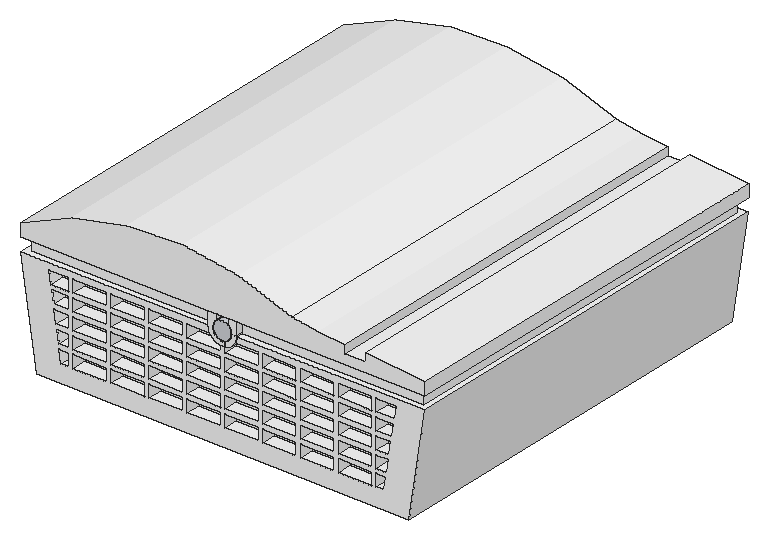
Revit family "Temp Sensor", category Generic Models, Revit 2018
Family settings
  Can host rebar = No
  Round Connector Dimension = Use Diameter
  Part Type = Normal
  OmniClass Number = 23.40.00.00
  OmniClass Title = Equipment and Furnishings
  Work Plane-Based = Yes
  Always vertical = No
  Cut with Voids When Loaded = No
  Shared = No
  Room Calculation Point = No
Parameters (values of type "Sensors")
  Youtube clip = ""
  Width = "95"
  Weight Net (Kg) = "0.2"
  URL = ""
  switch-on-duration = "When temperature exceeds set point"
  WarrantyStartDate = "From items dispatch"
  WarrantyDuration = 12
  Voltage = "24V DC"
  Uniclass 2.0 Description = "Temperature Sensor"
  Uniclass 2.0 Code = "PR_30_59_58_88"
  Uniclass 1.4 Description = ""
  Uniclass 1.4 Code = ""
  UNSPSC Code = "41112209"
  UNSPSC name = "Temperature Sensor"
  TypeName = ""
  Type Mark = ""
  Type Comments = ""
  To be ordered separately = ""
  Technical description = "The tamper proof thermostat will be set to the desired corridor temperature, contacts in the thermostat will operate the daily ventilation panel which in turn will instruct the extract fans to run and the relevant AOV to open.\r\n\r\nThe KSEC 504 is designed for one-person calibration with a unique external 3.5mm jack socket to facilitate direct measurement of the detector output (0-2.5Vdc) using an electrical test meter."
  TagNumber = 0
  Switch-on-duration_2 = ""
  Size = "95x35x95mm (W x D x H)"
  SerialNumber = 0
  QR code = ""
  Product group = "Sensors"
  Product family = "Thermostat"
  Product data URL = "http://easivent.co.uk/products/tamper-proof-thermostat"
  Product certification = ""
  Product SKU = "EV-ITH"
  Omniclass = ""
  OmniClass Title = ""
  OmniClass Number = ""
  Notes = "Please note this product may be amended without prior notification"
  Nominal width = "95"
  Nominal height = "95"
  Name of the object = "Tamper Proof Thermostat"
  Name = ""
  NBS Reference Description = ""
  NBS Reference Code = ""
  Model = "EV-ITH"
  Material Main = ABS Plastic White
  Manufacturer name = "Siemens"
  Manufacturer country = "Germany"
  Manufacturer URL = "http://easivent.co.uk/"
  Manufacturer = "Easivent"
  Keynote = ""
  InstallationDate = ""
  Installation instructions = ""
  IP rating = ""
  IFC Classification = "Thermostat"
  Height = 95 mm
  Grade = ""
  Finish = ""
  Features = ""
  Edition number = "1"
  Design country = "UK"
  Description = ""
  Depth = 35 mm
  Default Elevation = 1219.2 mm
  Date of publishing = ""
  Current consumption = "10 A"
  Created on = "07/04/2016"
  Created by = "Rhys Powell"
  Cost = 34
  ConnectionType = ""
  Connection cable = "2 core cable"
  Colour = "White RAL 9003"
  COBIe Type Category [instance] = "Thermostat"
  BIMobject category = "Thermostat"
  BIMobject QR code URL = ""
  BIMObject Category_2 = "Sensors"
  AssetIdentifier = ""
  Assembly Description = ""
  AccessibilityPerformance = ""
Reference planes
  plane 1 "Bottom on plan": y = 0
  plane 2: z = 0
  plane 3 "Left hand side plan": x = 0
  plane 4 "Top on plan": y = 96
  plane 5 "Right hand side plan": x = 96
  plane 6 "Right side of grove plan": x = 82
  plane 7 "Left side of grove plan": x = 77
  plane 8 "Bottom of Top compartment section": z = 35
  plane 9 "Top on Section": z = 47
  plane 10: z = 38
  plane 11 "Centre point on plan": y = 48
  plane 12 "Centre point on section": x = 48
  plane 13: x = 5
  plane 14: x = 91
  plane 15: z = 32
  plane 16: x = 94.5
  plane 17: x = 1.5
  plane 18: y = 94.5
  plane 19: y = 1.5
Forms (mm)
  Extrusion 1, solid, material "ABS Plastic White" <- "Material Main"
    sketch origin (0, 96, 0) x (-1, 0, 0) y (0, 0, 1)
      loop
        line (0, 35) -> (0, 38)
        arc (0, 38) -> (-31.948, 46.979) -> (-64.544, 40.752) r 72.361
        arc (-64.544, 40.752) -> (-70.731, 39.65) -> (-77, 39.219) r 58.42
        line (-77, 39.219) -> (-77, 37.308) -> (-82, 37.308) -> (-82, 39.225) -> (-96, 38) -> (-96, 35) -> (0, 35)
    from -96 to 0
  Extrusion 2, solid, material "ABS Plastic White" <- "Material Main"
    sketch origin (0, 96, 0) x (-1, 0, 0) y (0, 0, 1)
      loop
        line (-1.5, 35) -> (-94.5, 35) -> (-94.5, 32) -> (-1.5, 32) -> (-1.5, 35)
    from -94.5 to -1.5
  Extrusion 3, solid, material "ABS Plastic White" <- "Material Main"
    sketch origin (0, 96, 0) x (-1, 0, 0) y (0, 0, 1)
      loop
        line (0, 32) -> (-96, 32) -> (-92.142, 7.308) -> (-3.858, 7.308) -> (0, 32)
    from -96 to 0
  Extrusion 4, solid, material "ABS Plastic White" <- "Material Main"
    sketch origin (0, 96, 0) x (-1, 0, 0) y (0, 0, 1)
      loop
        line (-46.592, 35) -> (-46.592, 33.775)
        arc (-46.592, 33.775) -> (-45.856, 31.25) -> (-48, 29.728) r 2.267
        arc (-48, 29.728) -> (-50.144, 31.25) -> (-49.408, 33.775) r 2.267
        line (-49.408, 33.775) -> (-49.408, 35) -> (-51.417, 35) -> (-51.417, 32)
        arc (-51.417, 32) -> (-50.4, 29.669) -> (-48, 28.829) r 3.18
        arc (-48, 28.829) -> (-45.6, 29.669) -> (-44.583, 32) r 3.18
        line (-44.583, 32) -> (-44.583, 35) -> (-46.592, 35)
    from -96 to -94.5
  Extrusion 5, void
    sketch origin (0, 96, 0) x (-1, 0, 0) y (0, 0, 1)
      loop
        line (-46.592, 35) -> (-49.408, 35) -> (-49.408, 33.775)
        arc (-49.408, 33.775) -> (-50.14, 31.252) -> (-48, 29.728) r 2.269
        arc (-48, 29.728) -> (-45.856, 31.25) -> (-46.592, 33.775) r 2.267
        line (-46.592, 33.775) -> (-46.592, 35)
    from -96 to -94.5
  Extrusion 6, solid
    sketch origin (0, 96, 0) x (-1, 0, 0) y (0, 0, 1)
      loop
        circle (-48, 32) r 2.083
    from -96 to -94.5
  Extrusion 7, void
    sketch origin (0, 0, 1.664) x (1, 0, 0) y (0, 0, 1)
      loop
        line (12.5, 25.859) -> (20.5, 25.859) -> (20.5, 28.859) -> (12.5, 28.859) -> (12.5, 25.859)
      loop
        line (21.5, 25.859) -> (29.5, 25.859) -> (29.5, 28.859) -> (21.5, 28.859) -> (21.5, 25.859)
      loop
        line (30.5, 25.859) -> (38.5, 25.859) -> (38.5, 28.859) -> (30.5, 28.859) -> (30.5, 25.859)
      loop
        line (39.5, 25.859) -> (47.5, 25.859) -> (47.5, 28.859) -> (39.5, 28.859) -> (39.5, 25.859)
      loop
        line (48.5, 25.859) -> (56.5, 25.859) -> (56.5, 28.859) -> (48.5, 28.859) -> (48.5, 25.859)
      loop
        line (57.5, 25.859) -> (65.5, 25.859) -> (65.5, 28.859) -> (57.5, 28.859) -> (57.5, 25.859)
      loop
        line (66.5, 25.859) -> (74.5, 25.859) -> (74.5, 28.859) -> (66.5, 28.859) -> (66.5, 25.859)
      loop
        line (75.5, 25.859) -> (83.5, 25.859) -> (83.5, 28.859) -> (75.5, 28.859) -> (75.5, 25.859)
      loop
        line (11.5, 25.859) -> (11.5, 28.859) -> (6.741, 28.859) -> (7.21, 25.859) -> (11.5, 25.859)
      loop
        line (84.5, 25.859) -> (88.79, 25.859) -> (89.259, 28.859) -> (84.5, 28.859) -> (84.5, 25.859)
      loop
        line (12.5, 21.859) -> (20.5, 21.859) -> (20.5, 24.859) -> (12.5, 24.859) -> (12.5, 21.859)
      loop
        line (21.5, 21.859) -> (29.5, 21.859) -> (29.5, 24.859) -> (21.5, 24.859) -> (21.5, 21.859)
      loop
        line (30.5, 21.859) -> (38.5, 21.859) -> (38.5, 24.859) -> (30.5, 24.859) -> (30.5, 21.859)
      loop
        line (39.5, 21.859) -> (47.5, 21.859) -> (47.5, 24.859) -> (39.5, 24.859) -> (39.5, 21.859)
      loop
        line (48.5, 21.859) -> (56.5, 21.859) -> (56.5, 24.859) -> (48.5, 24.859) -> (48.5, 21.859)
      loop
        line (57.5, 21.859) -> (65.5, 21.859) -> (65.5, 24.859) -> (57.5, 24.859) -> (57.5, 21.859)
      loop
        line (66.5, 21.859) -> (74.5, 21.859) -> (74.5, 24.859) -> (66.5, 24.859) -> (66.5, 21.859)
      loop
        line (75.5, 21.859) -> (83.5, 21.859) -> (83.5, 24.859) -> (75.5, 24.859) -> (75.5, 21.859)
      loop
        line (11.5, 21.859) -> (11.5, 24.859) -> (7.366, 24.859) -> (7.835, 21.859) -> (11.5, 21.859)
      loop
        line (84.5, 21.859) -> (88.165, 21.859) -> (88.634, 24.859) -> (84.5, 24.859) -> (84.5, 21.859)
      loop
        line (12.5, 17.859) -> (20.5, 17.859) -> (20.5, 20.859) -> (12.5, 20.859) -> (12.5, 17.859)
      loop
        line (21.5, 17.859) -> (29.5, 17.859) -> (29.5, 20.859) -> (21.5, 20.859) -> (21.5, 17.859)
      loop
        line (30.5, 17.859) -> (38.5, 17.859) -> (38.5, 20.859) -> (30.5, 20.859) -> (30.5, 17.859)
      loop
        line (39.5, 17.859) -> (47.5, 17.859) -> (47.5, 20.859) -> (39.5, 20.859) -> (39.5, 17.859)
      loop
        line (48.5, 17.859) -> (56.5, 17.859) -> (56.5, 20.859) -> (48.5, 20.859) -> (48.5, 17.859)
      loop
        line (57.5, 17.859) -> (65.5, 17.859) -> (65.5, 20.859) -> (57.5, 20.859) -> (57.5, 17.859)
      loop
        line (66.5, 17.859) -> (74.5, 17.859) -> (74.5, 20.859) -> (66.5, 20.859) -> (66.5, 17.859)
      loop
        line (75.5, 17.859) -> (83.5, 17.859) -> (83.5, 20.859) -> (75.5, 20.859) -> (75.5, 17.859)
      loop
        line (11.5, 17.859) -> (11.5, 20.859) -> (7.991, 20.859) -> (8.46, 17.859) -> (11.5, 17.859)
      loop
        line (84.5, 17.859) -> (87.54, 17.859) -> (88.009, 20.859) -> (84.5, 20.859) -> (84.5, 17.859)
      loop
        line (12.5, 13.859) -> (20.5, 13.859) -> (20.5, 16.859) -> (12.5, 16.859) -> (12.5, 13.859)
      loop
        line (21.5, 13.859) -> (29.5, 13.859) -> (29.5, 16.859) -> (21.5, 16.859) -> (21.5, 13.859)
      loop
        line (30.5, 13.859) -> (38.5, 13.859) -> (38.5, 16.859) -> (30.5, 16.859) -> (30.5, 13.859)
      loop
        line (39.5, 13.859) -> (47.5, 13.859) -> (47.5, 16.859) -> (39.5, 16.859) -> (39.5, 13.859)
      loop
        line (48.5, 13.859) -> (56.5, 13.859) -> (56.5, 16.859) -> (48.5, 16.859) -> (48.5, 13.859)
      loop
        line (57.5, 13.859) -> (65.5, 13.859) -> (65.5, 16.859) -> (57.5, 16.859) -> (57.5, 13.859)
      loop
        line (66.5, 13.859) -> (74.5, 13.859) -> (74.5, 16.859) -> (66.5, 16.859) -> (66.5, 13.859)
      loop
        line (75.5, 13.859) -> (83.5, 13.859) -> (83.5, 16.859) -> (75.5, 16.859) -> (75.5, 13.859)
      loop
        line (11.5, 13.859) -> (11.5, 16.859) -> (8.616, 16.859) -> (9.085, 13.859) -> (11.5, 13.859)
      loop
        line (84.5, 13.859) -> (86.915, 13.859) -> (87.384, 16.859) -> (84.5, 16.859) -> (84.5, 13.859)
      loop
        line (12.5, 9.859) -> (20.5, 9.859) -> (20.5, 12.859) -> (12.5, 12.859) -> (12.5, 9.859)
      loop
        line (21.5, 9.859) -> (29.5, 9.859) -> (29.5, 12.859) -> (21.5, 12.859) -> (21.5, 9.859)
      loop
        line (30.5, 9.859) -> (38.5, 9.859) -> (38.5, 12.859) -> (30.5, 12.859) -> (30.5, 9.859)
      loop
        line (39.5, 9.859) -> (47.5, 9.859) -> (47.5, 12.859) -> (39.5, 12.859) -> (39.5, 9.859)
      loop
        line (48.5, 9.859) -> (56.5, 9.859) -> (56.5, 12.859) -> (48.5, 12.859) -> (48.5, 9.859)
      loop
        line (57.5, 9.859) -> (65.5, 9.859) -> (65.5, 12.859) -> (57.5, 12.859) -> (57.5, 9.859)
      loop
        line (66.5, 9.859) -> (74.5, 9.859) -> (74.5, 12.859) -> (66.5, 12.859) -> (66.5, 9.859)
      loop
        line (75.5, 9.859) -> (83.5, 9.859) -> (83.5, 12.859) -> (75.5, 12.859) -> (75.5, 9.859)
      loop
        line (11.5, 9.859) -> (11.5, 12.859) -> (9.241, 12.859) -> (9.71, 9.859) -> (11.5, 9.859)
      loop
        line (84.5, 9.859) -> (86.29, 9.859) -> (86.759, 12.859) -> (84.5, 12.859) -> (84.5, 9.859)
    from -3.462 to 1.582
  Extrusion 8, void
    sketch origin (0, 96, 0) x (1, 0, 0) y (0, 0, -1)
      loop
        line (12.5, -25.859) -> (12.5, -28.859) -> (20.5, -28.859) -> (20.5, -25.859) -> (12.5, -25.859)
      loop
        line (21.5, -25.859) -> (21.5, -28.859) -> (29.5, -28.859) -> (29.5, -25.859) -> (21.5, -25.859)
      loop
        line (30.5, -25.859) -> (30.5, -28.859) -> (38.5, -28.859) -> (38.5, -25.859) -> (30.5, -25.859)
      loop
        line (39.5, -25.859) -> (39.5, -28.859) -> (47.5, -28.859) -> (47.5, -25.859) -> (39.5, -25.859)
      loop
        line (48.5, -25.859) -> (48.5, -28.859) -> (56.5, -28.859) -> (56.5, -25.859) -> (48.5, -25.859)
      loop
        line (57.5, -25.859) -> (57.5, -28.859) -> (65.5, -28.859) -> (65.5, -25.859) -> (57.5, -25.859)
      loop
        line (66.5, -25.859) -> (66.5, -28.859) -> (74.5, -28.859) -> (74.5, -25.859) -> (66.5, -25.859)
      loop
        line (75.5, -25.859) -> (75.5, -28.859) -> (83.5, -28.859) -> (83.5, -25.859) -> (75.5, -25.859)
      loop
        line (11.5, -25.859) -> (7.21, -25.859) -> (6.741, -28.859) -> (11.5, -28.859) -> (11.5, -25.859)
      loop
        line (84.5, -25.859) -> (84.5, -28.859) -> (89.259, -28.859) -> (88.79, -25.859) -> (84.5, -25.859)
      loop
        line (12.5, -21.859) -> (12.5, -24.859) -> (20.5, -24.859) -> (20.5, -21.859) -> (12.5, -21.859)
      loop
        line (21.5, -21.859) -> (21.5, -24.859) -> (29.5, -24.859) -> (29.5, -21.859) -> (21.5, -21.859)
      loop
        line (30.5, -21.859) -> (30.5, -24.859) -> (38.5, -24.859) -> (38.5, -21.859) -> (30.5, -21.859)
      loop
        line (39.5, -21.859) -> (39.5, -24.859) -> (47.5, -24.859) -> (47.5, -21.859) -> (39.5, -21.859)
      loop
        line (48.5, -21.859) -> (48.5, -24.859) -> (56.5, -24.859) -> (56.5, -21.859) -> (48.5, -21.859)
      loop
        line (57.5, -21.859) -> (57.5, -24.859) -> (65.5, -24.859) -> (65.5, -21.859) -> (57.5, -21.859)
      loop
        line (66.5, -21.859) -> (66.5, -24.859) -> (74.5, -24.859) -> (74.5, -21.859) -> (66.5, -21.859)
      loop
        line (75.5, -21.859) -> (75.5, -24.859) -> (83.5, -24.859) -> (83.5, -21.859) -> (75.5, -21.859)
      loop
        line (11.5, -21.859) -> (7.835, -21.859) -> (7.366, -24.859) -> (11.5, -24.859) -> (11.5, -21.859)
      loop
        line (84.5, -21.859) -> (84.5, -24.859) -> (88.634, -24.859) -> (88.165, -21.859) -> (84.5, -21.859)
      loop
        line (12.5, -17.859) -> (12.5, -20.859) -> (20.5, -20.859) -> (20.5, -17.859) -> (12.5, -17.859)
      loop
        line (21.5, -17.859) -> (21.5, -20.859) -> (29.5, -20.859) -> (29.5, -17.859) -> (21.5, -17.859)
      loop
        line (30.5, -17.859) -> (30.5, -20.859) -> (38.5, -20.859) -> (38.5, -17.859) -> (30.5, -17.859)
      loop
        line (39.5, -17.859) -> (39.5, -20.859) -> (47.5, -20.859) -> (47.5, -17.859) -> (39.5, -17.859)
      loop
        line (48.5, -17.859) -> (48.5, -20.859) -> (56.5, -20.859) -> (56.5, -17.859) -> (48.5, -17.859)
      loop
        line (57.5, -17.859) -> (57.5, -20.859) -> (65.5, -20.859) -> (65.5, -17.859) -> (57.5, -17.859)
      loop
        line (66.5, -17.859) -> (66.5, -20.859) -> (74.5, -20.859) -> (74.5, -17.859) -> (66.5, -17.859)
      loop
        line (75.5, -17.859) -> (75.5, -20.859) -> (83.5, -20.859) -> (83.5, -17.859) -> (75.5, -17.859)
      loop
        line (11.5, -17.859) -> (8.46, -17.859) -> (7.991, -20.859) -> (11.5, -20.859) -> (11.5, -17.859)
      loop
        line (84.5, -17.859) -> (84.5, -20.859) -> (88.009, -20.859) -> (87.54, -17.859) -> (84.5, -17.859)
      loop
        line (12.5, -13.859) -> (12.5, -16.859) -> (20.5, -16.859) -> (20.5, -13.859) -> (12.5, -13.859)
      loop
        line (21.5, -13.859) -> (21.5, -16.859) -> (29.5, -16.859) -> (29.5, -13.859) -> (21.5, -13.859)
      loop
        line (30.5, -13.859) -> (30.5, -16.859) -> (38.5, -16.859) -> (38.5, -13.859) -> (30.5, -13.859)
      loop
        line (39.5, -13.859) -> (39.5, -16.859) -> (47.5, -16.859) -> (47.5, -13.859) -> (39.5, -13.859)
      loop
        line (48.5, -13.859) -> (48.5, -16.859) -> (56.5, -16.859) -> (56.5, -13.859) -> (48.5, -13.859)
      loop
        line (57.5, -13.859) -> (57.5, -16.859) -> (65.5, -16.859) -> (65.5, -13.859) -> (57.5, -13.859)
      loop
        line (66.5, -13.859) -> (66.5, -16.859) -> (74.5, -16.859) -> (74.5, -13.859) -> (66.5, -13.859)
      loop
        line (75.5, -13.859) -> (75.5, -16.859) -> (83.5, -16.859) -> (83.5, -13.859) -> (75.5, -13.859)
      loop
        line (11.5, -13.859) -> (9.085, -13.859) -> (8.616, -16.859) -> (11.5, -16.859) -> (11.5, -13.859)
      loop
        line (84.5, -13.859) -> (84.5, -16.859) -> (87.384, -16.859) -> (86.915, -13.859) -> (84.5, -13.859)
      loop
        line (12.5, -9.859) -> (12.5, -12.859) -> (20.5, -12.859) -> (20.5, -9.859) -> (12.5, -9.859)
      loop
        line (21.5, -9.859) -> (21.5, -12.859) -> (29.5, -12.859) -> (29.5, -9.859) -> (21.5, -9.859)
      loop
        line (30.5, -9.859) -> (30.5, -12.859) -> (38.5, -12.859) -> (38.5, -9.859) -> (30.5, -9.859)
      loop
        line (39.5, -9.859) -> (39.5, -12.859) -> (47.5, -12.859) -> (47.5, -9.859) -> (39.5, -9.859)
      loop
        line (48.5, -9.859) -> (48.5, -12.859) -> (56.5, -12.859) -> (56.5, -9.859) -> (48.5, -9.859)
      loop
        line (57.5, -9.859) -> (57.5, -12.859) -> (65.5, -12.859) -> (65.5, -9.859) -> (57.5, -9.859)
      loop
        line (66.5, -9.859) -> (66.5, -12.859) -> (74.5, -12.859) -> (74.5, -9.859) -> (66.5, -9.859)
      loop
        line (75.5, -9.859) -> (75.5, -12.859) -> (83.5, -12.859) -> (83.5, -9.859) -> (75.5, -9.859)
      loop
        line (11.5, -9.859) -> (9.71, -9.859) -> (9.241, -12.859) -> (11.5, -12.859) -> (11.5, -9.859)
      loop
        line (84.5, -9.859) -> (84.5, -12.859) -> (86.759, -12.859) -> (86.29, -9.859) -> (84.5, -9.859)
    from -3.9 to 1.582
  Extrusion 9, void
    sketch origin (0, 0, 0) x (1, 0, 0) y (0, 1, 0)
      loop
        line (34.274, 74.097) -> (34.274, 60.929) -> (61.726, 60.929) -> (61.726, 74.097) -> (34.274, 74.097)
    from 0 to 15
  Extrusion 10, void
    sketch origin (0, 0, 0) x (1, 0, 0) y (0, 1, 0)
      loop
        line (46.422, 15.871) -> (46.422, 11.432)
        arc (46.422, 11.432) -> (48, 9.854) -> (49.578, 11.432) r 1.578
        line (49.578, 11.432) -> (49.578, 15.871)
        arc (49.578, 15.871) -> (48, 17.449) -> (46.422, 15.871) r 1.578
    from 0 to 15
  Extrusion 11, void
    sketch origin (29.056, -0.203, 0) x (0, 1, 0) y (-1, 0, 0)
      loop
        line (46.422, 15.871) -> (46.422, 11.432)
        arc (46.422, 11.432) -> (48, 9.854) -> (49.578, 11.432) r 1.578
        line (49.578, 11.432) -> (49.578, 15.871)
        arc (49.578, 15.871) -> (48, 17.449) -> (46.422, 15.871) r 1.578
    from 0 to 15
  Extrusion 12, void
    sketch origin (-30.446, 66.723, 0) x (1, 0, 0) y (0, 1, 0)
      loop
        line (46.422, 15.871) -> (46.422, 11.432)
        arc (46.422, 11.432) -> (48, 9.854) -> (49.578, 11.432) r 1.578
        line (49.578, 11.432) -> (49.578, 15.871)
        arc (49.578, 15.871) -> (48, 17.449) -> (46.422, 15.871) r 1.578
    from 0 to 15
  Extrusion 13, void
    sketch origin (61.602, 34.167, 0) x (0, 1, 0) y (-1, 0, 0)
      loop
        line (46.422, 15.871) -> (46.422, 11.432)
        arc (46.422, 11.432) -> (48, 9.854) -> (49.578, 11.432) r 1.578
        line (49.578, 11.432) -> (49.578, 15.871)
        arc (49.578, 15.871) -> (48, 17.449) -> (46.422, 15.871) r 1.578
    from 0 to 15
  Extrusion 14, void
    sketch origin (93.415, 31.667, 0) x (0, 1, 0) y (-1, 0, 0)
      loop
        line (46.422, 15.871) -> (46.422, 11.432)
        arc (46.422, 11.432) -> (48, 9.854) -> (49.578, 11.432) r 1.578
        line (49.578, 11.432) -> (49.578, 15.871)
        arc (49.578, 15.871) -> (48, 17.449) -> (46.422, 15.871) r 1.578
    from 0 to 15
  Extrusion 15, void
    sketch origin (33.703, 34.349, 0) x (1, 0, 0) y (0, 1, 0)
      loop
        line (46.422, 15.871) -> (46.422, 11.432)
        arc (46.422, 11.432) -> (48, 9.854) -> (49.578, 11.432) r 1.578
        line (49.578, 11.432) -> (49.578, 15.871)
        arc (49.578, 15.871) -> (48, 17.449) -> (46.422, 15.871) r 1.578
    from 0 to 15
  Extrusion 16, void
    sketch origin (4.483, -34.531, 0) x (0.5, 0.866025, 0) y (-0.866025, 0.5, 0)
      loop
        line (46.422, 15.871) -> (46.422, 11.432)
        arc (46.422, 11.432) -> (48, 9.854) -> (49.578, 11.432) r 1.578
        line (49.578, 11.432) -> (49.578, 15.871)
        arc (49.578, 15.871) -> (48, 17.449) -> (46.422, 15.871) r 1.578
    from 0 to 15
  Extrusion 17, void
    sketch origin (91.517, -34.531, 0) x (-0.5, 0.866025, 0) y (-0.866025, -0.5, 0)
      loop
        arc (46.422, -15.871) -> (48, -17.449) -> (49.578, -15.871) r 1.578
        line (49.578, -15.871) -> (49.578, -11.432)
        arc (49.578, -11.432) -> (48, -9.854) -> (46.422, -11.432) r 1.578
        line (46.422, -11.432) -> (46.422, -15.871)
    from 0 to 15
Cuts and joins
  Extrusion 5, Extrusion 7, Extrusion 8, Extrusion 9, Extrusion 10, Extrusion 11, Extrusion 12, Extrusion 13, Extrusion 14, Extrusion 15, Extrusion 16, Extrusion 17 cuts Extrusion 3
  Extrusion 5 cuts Extrusion 2
  Extrusion 8 cuts Extrusion 4
Lines and regions (mm)
  model lines
    curve 1: line (46.422, 0, 32.234) -> (47.75, 0, 32.234)
    curve 2: line (47.75, 0, 32.234) -> (47.75, 0, 33.664)
    curve 3: line (49.578, 0, 32.234) -> (48.25, 0, 32.234)
    curve 4: line (48.25, 0, 32.234) -> (48.25, 0, 33.664)
    curve 5: line (46.422, 0, 31.766) -> (47.75, 0, 31.766)
    curve 6: line (47.75, 0, 31.766) -> (47.75, 0, 30.336)
    curve 7: line (49.578, 0, 31.766) -> (48.25, 0, 31.766)
    curve 8: line (48.25, 0, 31.766) -> (48.25, 0, 30.336)
Dimensions and locks
  aligned and locked: level to plane 2
Connectors
  electrical at (48, 48, 7.308)
    settings: on cut or joined group of Extrusion 3, Extrusion 5, Extrusion 7, Extrusion 8, Extrusion 9, Extrusion 10, Extrusion 11, Extrusion 12, Extrusion 13, Extrusion 14, Extrusion 15, Extrusion 16, Extrusion 17, index 1, voltage 0 V, apparent load 0 VA, apparent load phase1 0 VA, apparent load phase2 0 VA, apparent load phase3 0 VA, power factor 1, load classification "Other", number of poles 1, system type 14, power factor state 1, is connector primary yes, connector utility no, sub classification motor no, connector description ""
